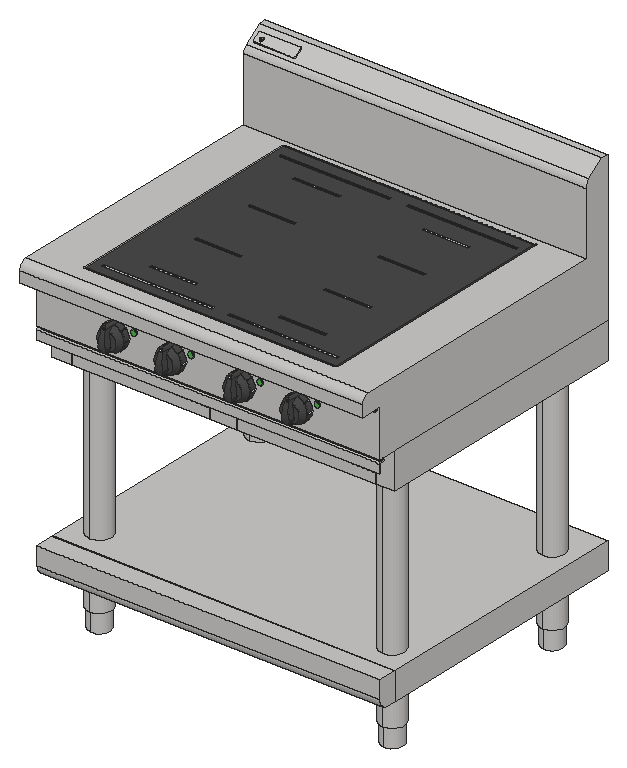
Revit family "QF_Moffat_IN8400F-LS_Induction_Cooktop_cat", category Specialty Equipment, Revit 2019
Family settings
  Round Connector Dimension = Use Diameter
  Part Type = Normal
  Work Plane-Based = No
  Always vertical = Yes
  Cut with Voids When Loaded = No
  Shared = No
  Room Calculation Point = No
Parameters (values of type "IN8400F-LS_400/50/3")
  Weight in Kilograms = 105
  Watts = 20000 W
  Volts = 400 V
  URL Cutsheet = ""
  Specification by User = ""
  Specification by Manufacturer = ""
  Show Logo [instance] = yes
  Serial Number = ""
  Seismic Rating = ""
  SMACNA No = ""
  Revision Code = ""
  Phase = 3
  Number of Poles = 1
  NAFEM Spec ID Number = ""
  Model = "IN8400F-LS"
  Min Ckt Ampacity = 0 A
  Max Overcurrent Protection = 0 A
  Masterspec = ""
  Manufacturer = "Moffat"
  Length = 900 mm
  Item Number = ""
  Installed By = ""
  Identify Quantity as Lot = yes
  Height = 1130 mm
  HP = ""
  Furnished By = ""
  Foodservice Equipment Identifier = yes
  FL Amps = 28 A
  Electrical Remarks = ""
  Electric Connection Type = ""
  Elec Conn RI Height = 0 mm
  Elec Conn Connection Height = 0 mm
  Description = "Induction Cooktop"
  Depth = 805 mm
  Cycle = 50 Hz
  Conn Plug = ""
  Conn Conduit = yes
  CSI MasterFormat = ""
  Apparent Power = 16608 VA
Reference planes
  plane 1 "BACK": y = 0
  plane 2: z = 0
  plane 3 "LEFT": x = 0
  plane 4 "RIGHT": x = 900
  plane 5 "FRONT": y = -805
  plane 6 "TOP": z = 1130
  plane 7 "Center Y": x = 450
  plane 8 "Center X": y = -402.5
  plane 9: x = 65.5
  plane 10: x = 834.5
  plane 11: y = -30
  plane 12: z = 150
  plane 13: y = -100
  plane 14: y = -625
  plane 15: y = -70
  plane 16: z = 915
  plane 17: x = 770
Forms (mm)
  Extrusion 1, solid, material "QF_Metal_Stainless_Polished"
    sketch origin (0, 0, 560) x (0, 1, 0) y (0, 0, 1)
      loop
        line (0, 180) -> (0, 570) -> (-18.182, 570) -> (-60.863, 538.99)
        arc (-60.863, 538.99) -> (-67.584, 531.121) -> (-70, 521.058) r 22.165
        line (-70, 521.058) -> (-70, 355) -> (-784.417, 355)
        arc (-784.417, 355) -> (-798.971, 348.971) -> (-805, 334.417) r 20.583
        line (-805, 334.417) -> (-805, 305) -> (-749, 305) -> (-749, 180) -> (0, 180)
    from 0 to 900
  Extrusion 2, void
    sketch origin (0, -784.171, 915) x (0, 1, 0) y (-1, 0, 0)
      loop
        arc (699.341, -122.382) -> (697.584, -118.139) -> (693.341, -116.382) r 6
        line (693.341, -116.382) -> (45.245, -116.382)
        arc (45.245, -116.382) -> (41.002, -118.139) -> (39.245, -122.382) r 6
        line (39.245, -122.382) -> (39.245, -777.618)
        arc (39.245, -777.618) -> (41.002, -781.861) -> (45.245, -783.618) r 6
        line (45.245, -783.618) -> (693.341, -783.618)
        arc (693.341, -783.618) -> (697.584, -781.861) -> (699.341, -777.618) r 6
        line (699.341, -777.618) -> (699.341, -122.382)
    from 0 to -9.5
  Extrusion 3, solid, material "QF_Plastic_Black_Smooth"
    sketch origin (0, -784.171, 915) x (0, 1, 0) y (-1, 0, 0)
      loop
        line (695.341, -777.618) -> (695.341, -122.382)
        arc (695.341, -122.382) -> (694.755, -120.968) -> (693.341, -120.382) r 2
        line (693.341, -120.382) -> (45.245, -120.382)
        arc (45.245, -120.382) -> (43.831, -120.968) -> (43.245, -122.382) r 2
        line (43.245, -122.382) -> (43.245, -777.618)
        arc (43.245, -777.618) -> (43.831, -779.032) -> (45.245, -779.618) r 2
        line (45.245, -779.618) -> (693.341, -779.618)
        arc (693.341, -779.618) -> (694.755, -779.032) -> (695.341, -777.618) r 2
      loop
        line (663.444, -138.924) -> (657.444, -138.924) -> (657.444, -426.076) -> (663.444, -426.076) -> (663.444, -138.924)
      loop
        line (78.838, -141.424) -> (72.838, -141.424) -> (72.838, -428.576) -> (78.838, -428.576) -> (78.838, -141.424)
      loop
        line (663.444, -761.076) -> (663.444, -473.924) -> (657.444, -473.924) -> (657.444, -761.076) -> (663.444, -761.076)
      loop
        line (78.838, -758.576) -> (78.838, -471.424) -> (72.838, -471.424) -> (72.838, -758.576) -> (78.838, -758.576)
      loop
        line (600.671, -220) -> (600.671, -340) -> (606.671, -340) -> (606.671, -220) -> (600.671, -220)
      loop
        line (454.421, -220) -> (454.421, -340) -> (460.421, -340) -> (460.421, -220) -> (454.421, -220)
      loop
        line (283.728, -340) -> (283.728, -220) -> (277.728, -220) -> (277.728, -340) -> (283.728, -340)
      loop
        line (136.404, -340) -> (136.404, -220) -> (130.404, -220) -> (130.404, -340) -> (136.404, -340)
      loop
        line (600.671, -680) -> (606.671, -680) -> (606.671, -560) -> (600.671, -560) -> (600.671, -680)
      loop
        line (454.421, -680) -> (460.421, -680) -> (460.421, -560) -> (454.421, -560) -> (454.421, -680)
      loop
        line (283.728, -560) -> (277.728, -560) -> (277.728, -680) -> (283.728, -680) -> (283.728, -560)
      loop
        line (136.404, -560) -> (130.404, -560) -> (130.404, -680) -> (136.404, -680) -> (136.404, -560)
    from 0 to -9.5
  Extrusion 4, solid, material "QF_Metal_Stainless_Polished"
    sketch origin (0, 0, 600) x (0, 1, 0) y (0, 0, 1)
      loop
        line (-739.467, 140) -> (-738.192, 134.838)
        arc (-738.192, 134.838) -> (-738.307, 134.302) -> (-738.799, 134.063) r 0.625
        line (-738.799, 134.063) -> (-746.111, 134.063)
        arc (-746.111, 134.063) -> (-748.011, 133.276) -> (-748.797, 131.377) r 2.686
        line (-748.797, 131.377) -> (-748.797, 107.627) -> (-747.197, 107.627) -> (-747.197, 131.242)
        arc (-747.197, 131.242) -> (-746.84, 132.105) -> (-745.976, 132.463) r 1.221
        line (-745.976, 132.463) -> (-738.755, 132.463)
        arc (-738.755, 132.463) -> (-737.028, 133.304) -> (-736.625, 135.182) r 2.194
        line (-736.625, 135.182) -> (-737.815, 140) -> (-739.467, 140)
    from 0 to 900
  Extrusion 5, solid, material "QF_Plastic_Black_Smooth"
    sketch origin (0, -749, 741.875) x (0, 0, 1) y (-1, 0, 0)
      loop
        circle (112.843, -13.157) r 5
      loop
        circle (112.843, -886.843) r 5
    from 0 to 1.6
  Extrusion 6, solid, material "QF_Metal_Stainless_Polished"
    sketch origin (450, -699, 645) x (0, 1, 0) y (1, 0, 0)
      loop
        circle (669, 320) r 6.35
    from 0 to 10
  Extrusion 7, solid, material "QF_Metal_Stainless_Polished"
    sketch origin (0, -699, 645) x (1, 0, 0) y (0, -1, 0)
      loop
        line (0, -699) -> (900, -699) -> (900, 0) -> (849.2, 0) -> (849.2, -25.4) -> (485.8, -25.4) -> (485.8, 0) -> (414.2, 0) -> (414.2, -25.4) -> (50.8, -25.4) -> (50.8, 0) -> (0, 0) -> (0, -699)
    from 0 to -95
  Extrusion 8, solid, material "QF_Metal_Stainless_Polished"
    sketch origin (50.8, -30, 645) x (0, 1, 0) y (0, 0, 1)
      loop
        line (-669, 0) -> (-643.6, 0) -> (-643.6, 26.45) -> (-669, 26.45) -> (-669, 0)
      loop
        line (-669, 32.45) -> (-643.6, 32.45) -> (-643.6, 66.4) -> (-669, 66.4) -> (-669, 32.45)
      loop
        line (-669, 67.4) -> (-643.6, 67.4) -> (-643.6, 95) -> (-669, 95) -> (-669, 67.4)
    from 0 to 363.4
  Extrusion 9, solid, material "QF_Metal_Stainless_Polished"
    sketch origin (900, 0, 560) x (-1, 0, 0) y (0, -1, 0)
      loop
        line (761.076, 126.726) -> (473.924, 126.726) -> (473.924, 120.726) -> (761.076, 120.726) -> (761.076, 126.726)
      loop
        line (680, 183.5) -> (560, 183.5) -> (560, 177.5) -> (680, 177.5) -> (680, 183.5)
      loop
        line (680, 329.75) -> (560, 329.75) -> (560, 323.75) -> (680, 323.75) -> (680, 329.75)
      loop
        line (680, 506.443) -> (560, 506.443) -> (560, 500.443) -> (680, 500.443) -> (680, 506.443)
      loop
        line (680, 653.766) -> (560, 653.766) -> (560, 647.766) -> (680, 647.766) -> (680, 653.766)
      loop
        line (758.576, 711.333) -> (471.424, 711.333) -> (471.424, 705.333) -> (758.576, 705.333) -> (758.576, 711.333)
      loop
        line (138.924, 126.726) -> (138.924, 120.726) -> (426.076, 120.726) -> (426.076, 126.726) -> (138.924, 126.726)
      loop
        line (220, 183.5) -> (220, 177.5) -> (340, 177.5) -> (340, 183.5) -> (220, 183.5)
      loop
        line (220, 329.75) -> (220, 323.75) -> (340, 323.75) -> (340, 329.75) -> (220, 329.75)
      loop
        line (220, 506.443) -> (220, 500.443) -> (340, 500.443) -> (340, 506.443) -> (220, 506.443)
      loop
        line (220, 653.766) -> (220, 647.766) -> (340, 647.766) -> (340, 653.766) -> (220, 653.766)
      loop
        line (141.424, 711.333) -> (141.424, 705.333) -> (428.576, 705.333) -> (428.576, 711.333) -> (141.424, 711.333)
    from 355 to 345.5
  Extrusion 10, solid, material "QF_Paint_Green"
    sketch origin (123.231, -748.999, 713.75) x (0, 0, 1) y (-1, 0, 0)
      loop
        circle (100.3, -282.5) r 7.15
    from 0 to 1.6
  Extrusion 11, solid, material "QF_Plastic_Black_Smooth"
    sketch origin (135, -748.999, 725.625) x (0, 0, 1) y (-1, 0, 0)
      loop
        circle (112.843, -225) r 5
    from 0 to 1.6
  Extrusion 12, solid, material "QF_Paint_Green"
    sketch origin (-26.769, -748.999, 713.75) x (0, 0, 1) y (-1, 0, 0)
      loop
        circle (100.3, -282.5) r 7.15
    from 0 to 1.6
  Extrusion 13, solid, material "QF_Plastic_Black_Smooth"
    sketch origin (-15, -748.999, 725.625) x (0, 0, 1) y (-1, 0, 0)
      loop
        circle (112.843, -225) r 5
    from 0 to 1.6
  Extrusion 14, solid, material "QF_Paint_Green"
    sketch origin (454.481, -748.999, 713.75) x (0, 0, 1) y (-1, 0, 0)
      loop
        circle (100.3, -282.5) r 7.15
    from 0 to 1.6
  Extrusion 15, solid, material "QF_Plastic_Black_Smooth"
    sketch origin (466.25, -748.999, 725.625) x (0, 0, 1) y (-1, 0, 0)
      loop
        circle (112.843, -225) r 5
    from 0 to 1.6
  Extrusion 16, solid, material "QF_Paint_Green"
    sketch origin (304.481, -748.999, 713.75) x (0, 0, 1) y (-1, 0, 0)
      loop
        circle (100.3, -282.5) r 7.15
    from 0 to 1.6
  Extrusion 17, solid, material "QF_Plastic_Black_Smooth"
    sketch origin (316.25, -748.999, 725.625) x (0, 0, 1) y (-1, 0, 0)
      loop
        circle (112.843, -225) r 5
    from 0 to 1.6
  Extrusion 18, solid, material "QF_Metal_Stainless_Polished"
    sketch origin (849.2, -30, 645) x (0, 1, 0) y (0, 0, -1)
      loop
        line (-669, 0) -> (-669, -26.45) -> (-643.6, -26.45) -> (-643.6, 0) -> (-669, 0)
      loop
        line (-669, -32.45) -> (-669, -66.4) -> (-643.6, -66.4) -> (-643.6, -32.45) -> (-669, -32.45)
      loop
        line (-669, -67.4) -> (-669, -95) -> (-643.6, -95) -> (-643.6, -67.4) -> (-669, -67.4)
    from 0 to 363.4
Cuts and joins
  Extrusion 2 cuts Extrusion 1
Lines and regions (mm)
  symbolic lines
    curve 1: line (0, 0, 0) -> (900, 0, 0)
    curve 2: line (0, -805, 0) -> (0, 0, 0)
    curve 3: line (900, -805, 0) -> (0, -805, 0)
    curve 4: line (900, 0, 0) -> (900, -805, 0)
    curve 5: line (0, -18.182, 0) -> (900, -18.182, 0)
    curve 6: line (0, -70, 0) -> (450, -70, 0)
    curve 7: line (122.382, -84.83, 0) -> (777.618, -84.83, 0)
    curve 8: arc (777.618, -84.83, 0) -> (781.861, -86.587, 0) -> (783.618, -90.83, 0) r 6
    curve 9: line (783.618, -90.83, 0) -> (783.618, -738.926, 0)
    curve 10: arc (783.618, -738.926, 0) -> (781.861, -743.168, 0) -> (777.618, -744.926, 0) r 6
    curve 11: line (777.618, -744.926, 0) -> (122.382, -744.926, 0)
    curve 12: arc (122.382, -744.926, 0) -> (118.139, -743.168, 0) -> (116.382, -738.926, 0) r 6
    curve 13: line (116.382, -738.926, 0) -> (116.382, -90.83, 0)
    curve 14: arc (116.382, -90.83, 0) -> (118.139, -86.587, 0) -> (122.382, -84.83, 0) r 6
    curve 15: line (777.618, -88.83, 0) -> (122.382, -88.83, 0)
    curve 16: arc (122.382, -88.83, 0) -> (120.968, -89.415, 0) -> (120.382, -90.83, 0) r 2
    curve 17: line (120.382, -90.83, 0) -> (120.382, -738.926, 0)
    curve 18: arc (120.382, -738.926, 0) -> (120.968, -740.34, 0) -> (122.382, -740.926, 0) r 2
    curve 19: line (122.382, -740.926, 0) -> (777.618, -740.926, 0)
    curve 20: arc (777.618, -740.926, 0) -> (779.032, -740.34, 0) -> (779.618, -738.926, 0) r 2
    curve 21: line (779.618, -738.926, 0) -> (779.618, -90.83, 0)
    curve 22: arc (779.618, -90.83, 0) -> (779.032, -89.415, 0) -> (777.618, -88.83, 0) r 2
    curve 23: line (783.618, -738.926, 0) -> (783.618, -90.83, 0)
    curve 24: line (779.618, -90.83, 0) -> (779.618, -738.926, 0)
    curve 25: line (138.924, -126.726, 0) -> (426.076, -126.726, 0)
    curve 26: line (426.076, -126.726, 0) -> (426.076, -120.726, 0)
    curve 27: line (426.076, -120.726, 0) -> (138.924, -120.726, 0)
    curve 28: line (138.924, -120.726, 0) -> (138.924, -126.726, 0)
    curve 29: line (220, -183.5, 0) -> (340, -183.5, 0)
    curve 30: line (340, -183.5, 0) -> (340, -177.5, 0)
    curve 31: line (340, -177.5, 0) -> (220, -177.5, 0)
    curve 32: line (220, -177.5, 0) -> (220, -183.5, 0)
    curve 33: line (220, -329.75, 0) -> (340, -329.75, 0)
    curve 34: line (340, -329.75, 0) -> (340, -323.75, 0)
    curve 35: line (340, -323.75, 0) -> (220, -323.75, 0)
    curve 36: line (220, -323.75, 0) -> (220, -329.75, 0)
    curve 37: line (220, -506.443, 0) -> (340, -506.443, 0)
    curve 38: line (340, -506.443, 0) -> (340, -500.443, 0)
    curve 39: line (340, -500.443, 0) -> (220, -500.443, 0)
    curve 40: line (220, -500.443, 0) -> (220, -506.443, 0)
    curve 41: line (220, -653.766, 0) -> (340, -653.766, 0)
    curve 42: line (340, -653.766, 0) -> (340, -647.766, 0)
    curve 43: line (340, -647.766, 0) -> (220, -647.766, 0)
    curve 44: line (220, -647.766, 0) -> (220, -653.766, 0)
    curve 45: line (141.424, -711.333, 0) -> (428.576, -711.333, 0)
    curve 46: line (428.576, -711.333, 0) -> (428.576, -705.333, 0)
    curve 47: line (428.576, -705.333, 0) -> (141.424, -705.333, 0)
    curve 48: line (141.424, -705.333, 0) -> (141.424, -711.333, 0)
    curve 49: line (471.424, -711.333, 0) -> (758.576, -711.333, 0)
    curve 50: line (758.576, -711.333, 0) -> (758.576, -705.333, 0)
    curve 51: line (758.576, -705.333, 0) -> (471.424, -705.333, 0)
    curve 52: line (471.424, -705.333, 0) -> (471.424, -711.333, 0)
    curve 53: line (680, -653.766, 0) -> (560, -653.766, 0)
    curve 54: line (560, -653.766, 0) -> (560, -647.766, 0)
    curve 55: line (560, -647.766, 0) -> (680, -647.766, 0)
    curve 56: line (680, -647.766, 0) -> (680, -653.766, 0)
    curve 57: line (560, -506.443, 0) -> (680, -506.443, 0)
    curve 58: line (680, -506.443, 0) -> (680, -500.443, 0)
    curve 59: line (680, -500.443, 0) -> (560, -500.443, 0)
    curve 60: line (560, -500.443, 0) -> (560, -506.443, 0)
    curve 61: line (560, -329.75, 0) -> (680, -329.75, 0)
    curve 62: line (680, -329.75, 0) -> (680, -323.75, 0)
    curve 63: line (680, -323.75, 0) -> (560, -323.75, 0)
    curve 64: line (560, -323.75, 0) -> (560, -329.75, 0)
    curve 65: line (680, -177.5, 0) -> (560, -177.5, 0)
    curve 66: line (560, -177.5, 0) -> (560, -183.5, 0)
    curve 67: line (560, -183.5, 0) -> (680, -183.5, 0)
    curve 68: line (680, -183.5, 0) -> (680, -177.5, 0)
    curve 69: line (473.924, -126.726, 0) -> (761.076, -126.726, 0)
    curve 70: line (761.076, -126.726, 0) -> (761.076, -120.726, 0)
    curve 71: line (761.076, -120.726, 0) -> (473.924, -120.726, 0)
    curve 72: line (473.924, -120.726, 0) -> (473.924, -126.726, 0)
    curve 73: line (0, 0, 560) -> (900, 0, 560)
    curve 74: line (0, -805, 560) -> (0, 0, 560)
    curve 75: line (900, -805, 560) -> (0, -805, 560)
    curve 76: line (900, 0, 560) -> (900, -805, 560)
    curve 77: line (0, -18.182, 560) -> (900, -18.182, 560)
    curve 78: line (0, -70, 560) -> (900, -70, 560)
    curve 79: line (122.382, -84.83, 560) -> (777.618, -84.83, 560)
    curve 80: arc (777.618, -84.83, 560) -> (781.861, -86.587, 560) -> (783.618, -90.83, 560) r 6
    curve 81: line (783.618, -90.83, 560) -> (783.618, -738.926, 560)
    curve 82: arc (783.618, -738.926, 560) -> (781.861, -743.168, 560) -> (777.618, -744.926, 560) r 6
    curve 83: line (777.618, -744.926, 560) -> (122.382, -744.926, 560)
    curve 84: arc (122.382, -744.926, 560) -> (118.139, -743.168, 560) -> (116.382, -738.926, 560) r 6
    curve 85: line (116.382, -738.926, 560) -> (116.382, -90.83, 560)
    curve 86: arc (116.382, -90.83, 560) -> (118.139, -86.587, 560) -> (122.382, -84.83, 560) r 6
    curve 87: line (777.618, -88.83, 560) -> (122.382, -88.83, 560)
    curve 88: arc (122.382, -88.83, 560) -> (120.968, -89.415, 560) -> (120.382, -90.83, 560) r 2
    curve 89: line (120.382, -90.83, 560) -> (120.382, -738.926, 560)
    curve 90: arc (120.382, -738.926, 560) -> (120.968, -740.34, 560) -> (122.382, -740.926, 560) r 2
    curve 91: line (122.382, -740.926, 560) -> (777.618, -740.926, 560)
    curve 92: arc (777.618, -740.926, 560) -> (779.032, -740.34, 560) -> (779.618, -738.926, 560) r 2
    curve 93: line (779.618, -738.926, 560) -> (779.618, -90.83, 560)
    curve 94: arc (779.618, -90.83, 560) -> (779.032, -89.415, 560) -> (777.618, -88.83, 560) r 2
    curve 95: line (783.618, -738.926, 560) -> (783.618, -90.83, 560)
    curve 96: line (779.618, -90.83, 560) -> (779.618, -738.926, 560)
    curve 97: line (138.924, -126.726, 560) -> (426.076, -126.726, 560)
    curve 98: line (426.076, -126.726, 560) -> (426.076, -120.726, 560)
    curve 99: line (426.076, -120.726, 560) -> (138.924, -120.726, 560)
    curve 100: line (138.924, -120.726, 560) -> (138.924, -126.726, 560)
    curve 101: line (220, -183.5, 560) -> (340, -183.5, 560)
    curve 102: line (340, -183.5, 560) -> (340, -177.5, 560)
    curve 103: line (340, -177.5, 560) -> (220, -177.5, 560)
    curve 104: line (220, -177.5, 560) -> (220, -183.5, 560)
    curve 105: line (220, -329.75, 560) -> (340, -329.75, 560)
    curve 106: line (340, -329.75, 560) -> (340, -323.75, 560)
    curve 107: line (340, -323.75, 560) -> (220, -323.75, 560)
    curve 108: line (220, -323.75, 560) -> (220, -329.75, 560)
    curve 109: line (220, -506.443, 560) -> (340, -506.443, 560)
    curve 110: line (340, -506.443, 560) -> (340, -500.443, 560)
    curve 111: line (340, -500.443, 560) -> (220, -500.443, 560)
    curve 112: line (220, -500.443, 560) -> (220, -506.443, 560)
    curve 113: line (220, -653.766, 560) -> (340, -653.766, 560)
    curve 114: line (340, -653.766, 560) -> (340, -647.766, 560)
    curve 115: line (340, -647.766, 560) -> (220, -647.766, 560)
    curve 116: line (220, -647.766, 560) -> (220, -653.766, 560)
    curve 117: line (141.424, -711.333, 560) -> (428.576, -711.333, 560)
    curve 118: line (428.576, -711.333, 560) -> (428.576, -705.333, 560)
    curve 119: line (428.576, -705.333, 560) -> (141.424, -705.333, 560)
    curve 120: line (141.424, -705.333, 560) -> (141.424, -711.333, 560)
    curve 121: line (471.424, -711.333, 560) -> (758.576, -711.333, 560)
    curve 122: line (758.576, -711.333, 560) -> (758.576, -705.333, 560)
    curve 123: line (758.576, -705.333, 560) -> (471.424, -705.333, 560)
    curve 124: line (471.424, -705.333, 560) -> (471.424, -711.333, 560)
    curve 125: line (680, -653.766, 560) -> (560, -653.766, 560)
    curve 126: line (560, -653.766, 560) -> (560, -647.766, 560)
    curve 127: line (560, -647.766, 560) -> (680, -647.766, 560)
    curve 128: line (680, -647.766, 560) -> (680, -653.766, 560)
    curve 129: line (560, -506.443, 560) -> (680, -506.443, 560)
    curve 130: line (680, -506.443, 560) -> (680, -500.443, 560)
    curve 131: line (680, -500.443, 560) -> (560, -500.443, 560)
    curve 132: line (560, -500.443, 560) -> (560, -506.443, 560)
    curve 133: line (560, -329.75, 560) -> (680, -329.75, 560)
    curve 134: line (680, -329.75, 560) -> (680, -323.75, 560)
    curve 135: line (680, -323.75, 560) -> (560, -323.75, 560)
    curve 136: line (560, -323.75, 560) -> (560, -329.75, 560)
    curve 137: line (680, -177.5, 560) -> (560, -177.5, 560)
    curve 138: line (560, -177.5, 560) -> (560, -183.5, 560)
    curve 139: line (560, -183.5, 560) -> (680, -183.5, 560)
    curve 140: line (680, -183.5, 560) -> (680, -177.5, 560)
    curve 141: line (473.924, -126.726, 560) -> (761.076, -126.726, 560)
    curve 142: line (761.076, -126.726, 560) -> (761.076, -120.726, 560)
    curve 143: line (761.076, -120.726, 560) -> (473.924, -120.726, 560)
    curve 144: line (473.924, -120.726, 560) -> (473.924, -126.726, 560)
Dimensions and locks
  equal spacing: plane 3 "LEFT", plane 7 "Center Y", plane 4 "RIGHT"
  "Length": plane 3 "LEFT" to plane 4 "RIGHT"
  equal spacing: plane 5 "FRONT", plane 8 "Center X", plane 1 "BACK"
  "Depth": plane 5 "FRONT" to plane 1 "BACK"
  "Height": plane 6 "TOP" to level
  plane 9 to plane 10 = 769 mm
  plane 4 "RIGHT" to plane 3 "LEFT" = 900 mm
  plane 6 "TOP" to plane 2 = 1130 mm
  plane 1 "BACK" to plane 11 = 30 mm
  plane 1 "BACK" to plane 13 to plane 14 = 100 mm, 525 mm
  plane 1 "BACK" to plane 15 = 70 mm
  plane 16 to level = 915 mm  (x2)
  level to plane 12 = 150 mm
  plane 12 to level = 150 mm
  plane 4 "RIGHT" to plane 17 = 130 mm
  plane 1 "BACK" to plane 5 "FRONT" = 805 mm
  locked: plane 10 to plane 4 "RIGHT" at 65.5
  Extrusion 6 to level = 635 mm
  aligned and locked: level to plane 2
  aligned and locked: plane 7 "Center Y" to nested 1
  aligned and locked: Extrusion 18 to Extrusion 7  (x2)
  aligned and locked: plane 8 "Center X" to nested 1
Automatic sketch dimensions
  curve 8 to curve 22 = 0 mm  (x2)
  curve 10 to curve 20 = 0 mm  (x2)
  curve 12 to curve 18 = 0 mm  (x2)
  curve 14 to curve 16 = 0 mm  (x2)
  plane 1 "BACK" to curve 1 = 0 mm
  curve 1 to plane 3 "LEFT" = 0 mm
  curve 6 to plane 7 "Center Y" = 0 mm
  curve 1 to plane 4 "RIGHT" = 0 mm
  plane 5 "FRONT" to curve 3 = 0 mm
  plane 15 to curve 6 = 0 mm
  curve 13 to plane 9 = 50.882 mm
  curve 13 to curve 17 = 4 mm
  curve 17 to curve 16 = 2 mm
  curve 17 to curve 18 = 2 mm
  curve 14 to curve 25 = 16.542 mm
  curve 18 to curve 48 = 19.042 mm
  curve 40 to plane 9 = 154.5 mm
  plane 14 to curve 44 = 22.766 mm
  curve 47 to curve 44 = 78.576 mm
  curve 25 to curve 29 = 81.076 mm
  plane 8 "Center X" to curve 36 = 72.75 mm
  curve 36 to curve 29 = 0 mm
  curve 34 to plane 7 "Center Y" = 110 mm
  curve 37 to plane 7 "Center Y" = 110 mm
  plane 14 to curve 41 = 28.766 mm
  curve 41 to plane 7 "Center Y" = 110 mm
  curve 31 to plane 7 "Center Y" = 110 mm
  curve 26 to plane 7 "Center Y" = 23.924 mm
  curve 45 to plane 7 "Center Y" = 21.424 mm
  plane 7 "Center Y" to curve 52 = 21.424 mm
  plane 7 "Center Y" to curve 72 = 23.924 mm
  curve 69 to curve 67 = 86.076 mm
  plane 7 "Center Y" to curve 64 = 110 mm
  plane 7 "Center Y" to curve 60 = 110 mm
  plane 14 to curve 55 = 22.766 mm
  curve 51 to curve 55 = 88.576 mm
  plane 14 to curve 56 = 28.766 mm
  curve 56 to plane 17 = 90 mm
  curve 63 to plane 17 = 90 mm
  curve 68 to plane 17 = 90 mm
  curve 59 to plane 17 = 90 mm
  curve 51 to plane 17 = 11.424 mm
  curve 69 to plane 17 = 8.924 mm
  plane 17 to curve 10 = 7.618 mm
  plane 17 to curve 7 = 7.618 mm
  curve 8 to curve 21 = 2 mm
  curve 11 to plane 5 "FRONT" = 60.074 mm
  curve 10 to curve 50 = 27.593 mm
  curve 18 to curve 45 = 27.593 mm
  curve 45 to curve 47 = 6 mm
  curve 49 to curve 51 = 6 mm
  curve 60 to plane 8 "Center X" = 103.943 mm
  curve 40 to plane 8 "Center X" = 103.943 mm
  curve 57 to curve 59 = 6 mm
  curve 37 to curve 40 = 6 mm
  plane 8 "Center X" to curve 62 = 72.75 mm
  curve 61 to curve 64 = 6 mm
  curve 33 to curve 34 = 6 mm
  plane 13 to curve 29 = 83.5 mm
  plane 13 to curve 67 = 83.5 mm
  curve 29 to curve 31 = 6 mm
  curve 67 to curve 68 = 6 mm
  plane 13 to curve 25 = 26.726 mm
  plane 13 to curve 72 = 26.726 mm
  curve 25 to curve 28 = 6 mm
  curve 69 to curve 71 = 6 mm
  curve 21 to plane 13 = 9.17 mm
  curve 5 to plane 11 = 11.818 mm
  Extrusion 1 sketch curve to plane 5 "FRONT" = 0 mm
  Extrusion 1 sketch curve to plane 16 = 0 mm
  Extrusion 1 sketch curve to plane 15 = 0 mm
  Extrusion 1 sketch curve to plane 6 "TOP" = 0 mm
  Extrusion 1 sketch curve to plane 1 "BACK" = 0 mm
  Extrusion 1 sketch curve to plane 5 "FRONT" = 20.583 mm
  Extrusion 1 sketch curve to plane 5 "FRONT" = 56 mm
  Extrusion 1 sketch curve to plane 15 = 9.137 mm
  plane 11 to Extrusion 1 sketch curve = 17.835 mm
  Extrusion 1 sketch curve to plane 11 = 11.818 mm
  Extrusion 1 sketch curve to Extrusion 1 sketch curve = 29.417 mm
  Extrusion 1 sketch curve to plane 16 = 175 mm
  Extrusion 1 sketch curve to plane 6 "TOP" = 48.942 mm
  Extrusion 2 sketch curve to Extrusion 1 = 39.492 mm
  Extrusion 2 sketch curve to Extrusion 2 sketch curve = 6 mm  (x3)
  Extrusion 1 to Extrusion 2 sketch curve = 20.83 mm  (x2)
  Extrusion 1 to Extrusion 2 sketch curve = 116.382 mm
  Extrusion 1 to Extrusion 2 sketch curve = 122.382 mm
  Extrusion 3 sketch curve to Extrusion 1 = 43.492 mm
  Extrusion 3 sketch curve to Extrusion 3 sketch curve = 2 mm  (x3)
  Extrusion 3 sketch curve to Extrusion 1 = 73.085 mm
  Extrusion 3 sketch curve to Extrusion 3 sketch curve = 0 mm  (x5)
  Extrusion 3 sketch curve to Extrusion 3 sketch curve = 6 mm  (x12)
  Extrusion 3 sketch curve to Extrusion 3 sketch curve = 51.566 mm  (x2)
  Extrusion 3 sketch curve to Extrusion 3 sketch curve = 141.323 mm  (x2)
  Extrusion 3 sketch curve to Extrusion 3 sketch curve = 170.693 mm  (x2)
  Extrusion 1 to Extrusion 3 sketch curve = 113.5 mm  (x2)
  Extrusion 1 to Extrusion 3 sketch curve = 56.726 mm
  Extrusion 1 to Extrusion 3 sketch curve = 20.83 mm  (x2)
  Extrusion 1 to Extrusion 3 sketch curve = 120.382 mm
  Extrusion 3 sketch curve to Extrusion 3 sketch curve = 16.542 mm
  Extrusion 3 sketch curve to Extrusion 3 sketch curve = 19.042 mm  (x2)
  Extrusion 3 sketch curve to Extrusion 3 sketch curve = 81.076 mm  (x2)
  Extrusion 3 sketch curve to Extrusion 3 sketch curve = 78.576 mm  (x3)
  Extrusion 3 sketch curve to Extrusion 3 sketch curve = 120 mm  (x8)
  Extrusion 3 sketch curve to Extrusion 3 sketch curve = 86.076 mm  (x2)
  Extrusion 3 sketch curve to Extrusion 3 sketch curve = 88.576 mm  (x2)
  Extrusion 3 sketch curve to Extrusion 3 sketch curve = 42.848 mm
  Extrusion 3 sketch curve to Extrusion 3 sketch curve = 47.848 mm
  Extrusion 4 sketch curve to plane 5 "FRONT" = 56.203 mm
  Extrusion 4 sketch curve to Extrusion 4 sketch curve = 1.6 mm
  Extrusion 4 sketch curve to Extrusion 4 sketch curve = 1.086 mm
  Extrusion 4 sketch curve to Extrusion 4 sketch curve = 0.135 mm  (x2)
  Extrusion 4 sketch curve to Extrusion 4 sketch curve = 6.644 mm
  Extrusion 4 sketch curve to Extrusion 4 sketch curve = 0.668 mm
  Extrusion 4 sketch curve to Extrusion 4 sketch curve = 0.044 mm
  Extrusion 4 sketch curve to Extrusion 4 sketch curve = 0.563 mm
  Extrusion 4 sketch curve to Extrusion 4 sketch curve = 1.652 mm
  Extrusion 4 sketch curve to Extrusion 4 sketch curve = 1.567 mm
  Extrusion 4 sketch curve to plane 16 = 207.373 mm
  Extrusion 4 sketch curve to Extrusion 4 sketch curve = 23.614 mm
  Extrusion 4 sketch curve to Extrusion 4 sketch curve = 0.594 mm
  Extrusion 4 sketch curve to Extrusion 4 sketch curve = 0.032 mm
  Extrusion 4 sketch curve to Extrusion 4 sketch curve = 5.162 mm
  Extrusion 1 to Extrusion 5 sketch curve = 10.282 mm  (x2)
  Extrusion 1 to Extrusion 5 sketch curve = 13.157 mm  (x2)
  Extrusion 7 to Extrusion 6 sketch curve = 30 mm
  Extrusion 6 sketch curve to Extrusion 7 = 79.2 mm
  Extrusion 7 sketch curve to plane 3 "LEFT" = 0 mm
  Extrusion 7 sketch curve to plane 4 "RIGHT" = 0 mm
  plane 1 "BACK" to Extrusion 7 sketch curve = 0 mm
  plane 9 to Extrusion 7 sketch curve = 14.7 mm
  Extrusion 7 sketch curve to plane 7 "Center Y" = 35.8 mm
  plane 7 "Center Y" to Extrusion 7 sketch curve = 35.8 mm
  Extrusion 7 sketch curve to plane 10 = 14.7 mm
  plane 14 to Extrusion 7 sketch curve = 48.6 mm  (x2)
  Extrusion 7 sketch curve to Extrusion 7 sketch curve = 25.4 mm  (x3)
  Extrusion 8 sketch curve to Extrusion 7 = 0 mm  (x8)
  Extrusion 7 to Extrusion 8 sketch curve = 26.45 mm
  Extrusion 8 sketch curve to Extrusion 8 sketch curve = 6 mm
  Extrusion 7 to Extrusion 8 sketch curve = 28.6 mm
  Extrusion 8 sketch curve to Extrusion 8 sketch curve = 1 mm
  plane 17 to Extrusion 9 sketch curve = 8.924 mm
  plane 17 to Extrusion 9 sketch curve = 11.424 mm
  Extrusion 9 sketch curve to plane 14 = 28.766 mm  (x2)
  plane 17 to Extrusion 9 sketch curve = 90 mm  (x4)
  Extrusion 9 sketch curve to plane 7 "Center Y" = 110 mm  (x4)
  Extrusion 9 sketch curve to plane 14 = 22.766 mm
  Extrusion 9 sketch curve to plane 7 "Center Y" = 23.924 mm
  Extrusion 9 sketch curve to plane 7 "Center Y" = 21.424 mm
  plane 7 "Center Y" to Extrusion 9 sketch curve = 21.424 mm
  plane 7 "Center Y" to Extrusion 9 sketch curve = 23.924 mm
  plane 7 "Center Y" to Extrusion 9 sketch curve = 110 mm  (x2)
  Extrusion 9 sketch curve to Extrusion 9 sketch curve = 88.576 mm
  Extrusion 9 sketch curve to Extrusion 9 sketch curve = 86.076 mm
  Extrusion 9 sketch curve to Extrusion 9 sketch curve = 120 mm  (x4)
  plane 9 to Extrusion 9 sketch curve = 75.924 mm
  Extrusion 9 sketch curve to plane 13 = 20.726 mm
  plane 9 to Extrusion 9 sketch curve = 73.424 mm
  Extrusion 9 sketch curve to plane 14 = 80.333 mm  (x2)
  Extrusion 9 sketch curve to Extrusion 9 sketch curve = 6 mm  (x11)
  plane 8 "Center X" to Extrusion 9 sketch curve = 103.943 mm  (x2)
  Extrusion 9 sketch curve to plane 8 "Center X" = 72.75 mm  (x2)
  Extrusion 9 sketch curve to plane 13 = 83.5 mm  (x2)
  Extrusion 9 sketch curve to plane 13 = 26.726 mm
  Extrusion 10 sketch curve to plane 7 "Center Y" = 44.269 mm
  Extrusion 10 sketch curve to plane 16 = 100.95 mm
  Extrusion 11 sketch curve to plane 16 = 76.532 mm
  Extrusion 11 sketch curve to plane 7 "Center Y" = 90 mm
  Extrusion 12 sketch curve to plane 16 = 100.95 mm
  Extrusion 12 sketch curve to plane 9 = 190.231 mm
  Extrusion 13 sketch curve to plane 16 = 76.532 mm
  Extrusion 13 sketch curve to plane 9 = 144.5 mm
  Extrusion 14 sketch curve to plane 17 = 33.019 mm
  Extrusion 14 sketch curve to plane 16 = 100.95 mm
  Extrusion 15 sketch curve to plane 16 = 76.532 mm
  Extrusion 15 sketch curve to plane 17 = 78.75 mm
  Extrusion 16 sketch curve to plane 16 = 100.95 mm
  plane 7 "Center Y" to Extrusion 16 sketch curve = 136.981 mm
  Extrusion 17 sketch curve to plane 16 = 76.532 mm
  plane 7 "Center Y" to Extrusion 17 sketch curve = 91.25 mm
  plane 14 to Extrusion 18 sketch curve = 74 mm
  Extrusion 18 sketch curve to Extrusion 18 sketch curve = 0 mm  (x4)
  Extrusion 18 sketch curve to Extrusion 18 sketch curve = 25.4 mm
  Extrusion 18 sketch curve to plane 16 = 175 mm
  Extrusion 18 sketch curve to Extrusion 18 sketch curve = 27.6 mm
  Extrusion 18 sketch curve to Extrusion 18 sketch curve = 1 mm
  Extrusion 18 sketch curve to Extrusion 18 sketch curve = 33.95 mm
  Extrusion 18 sketch curve to Extrusion 18 sketch curve = 6 mm
  Extrusion 18 sketch curve to Extrusion 18 sketch curve = 26.45 mm
  curve 80 to curve 94 = 0 mm  (x2)
  curve 82 to curve 92 = 0 mm
  curve 84 to curve 90 = 0 mm  (x2)
  curve 86 to curve 88 = 0 mm  (x2)
  plane 1 "BACK" to curve 73 = 0 mm
  curve 73 to plane 3 "LEFT" = 0 mm
  curve 75 to plane 4 "RIGHT" = 0 mm
  plane 5 "FRONT" to curve 75 = 0 mm
  plane 15 to curve 78 = 0 mm
  curve 85 to plane 9 = 50.882 mm
  curve 85 to curve 89 = 4 mm
  curve 89 to curve 88 = 2 mm
  curve 89 to curve 90 = 2 mm
  curve 86 to curve 97 = 16.542 mm
  curve 90 to curve 120 = 19.042 mm
  curve 112 to plane 9 = 154.5 mm
  plane 14 to curve 116 = 22.766 mm
  curve 119 to curve 116 = 78.576 mm
  curve 97 to curve 101 = 81.076 mm
  plane 8 "Center X" to curve 108 = 72.75 mm
  curve 108 to curve 101 = 0 mm
  curve 106 to plane 7 "Center Y" = 110 mm
  curve 109 to plane 7 "Center Y" = 110 mm
  plane 14 to curve 113 = 28.766 mm
  curve 113 to plane 7 "Center Y" = 110 mm
  curve 103 to plane 7 "Center Y" = 110 mm
  curve 98 to plane 7 "Center Y" = 23.924 mm
  curve 118 to plane 7 "Center Y" = 21.424 mm
  plane 7 "Center Y" to curve 124 = 21.424 mm
  plane 7 "Center Y" to curve 144 = 23.924 mm
  curve 141 to curve 139 = 86.076 mm
  plane 7 "Center Y" to curve 136 = 110 mm
  plane 7 "Center Y" to curve 132 = 110 mm
  plane 14 to curve 127 = 22.766 mm
  curve 123 to curve 127 = 88.576 mm
  curve 135 to plane 17 = 90 mm
  curve 137 to plane 17 = 90 mm
  curve 131 to plane 17 = 90 mm
  plane 14 to curve 128 = 28.766 mm
  curve 128 to plane 17 = 90 mm
  curve 122 to plane 17 = 11.424 mm
  curve 141 to plane 17 = 8.924 mm
  plane 17 to curve 91 = 7.618 mm
  plane 17 to curve 80 = 7.618 mm
  curve 80 to curve 96 = 2 mm
  curve 83 to plane 5 "FRONT" = 60.074 mm
  curve 82 to curve 122 = 27.593 mm
  curve 90 to curve 117 = 27.593 mm
  curve 117 to curve 119 = 6 mm
  curve 121 to curve 123 = 6 mm
  curve 132 to plane 8 "Center X" = 103.943 mm
  curve 112 to plane 8 "Center X" = 103.943 mm
  curve 129 to curve 131 = 6 mm
  curve 109 to curve 112 = 6 mm
  plane 8 "Center X" to curve 134 = 72.75 mm
  curve 133 to curve 136 = 6 mm
  curve 105 to curve 106 = 6 mm
  plane 13 to curve 101 = 83.5 mm
  plane 13 to curve 139 = 83.5 mm
  curve 101 to curve 103 = 6 mm
  curve 139 to curve 140 = 6 mm
  plane 13 to curve 97 = 26.726 mm
  plane 13 to curve 144 = 26.726 mm
  curve 97 to curve 100 = 6 mm
  curve 141 to curve 143 = 6 mm
  curve 93 to plane 13 = 9.17 mm
  curve 77 to plane 11 = 11.818 mm
  radius of Extrusion 5 sketch curve = 5 mm  (x2)
  radius of Extrusion 6 sketch curve = 6.35 mm
  radius of Extrusion 10 sketch curve = 7.15 mm
  radius of Extrusion 11 sketch curve = 5 mm
  radius of Extrusion 12 sketch curve = 7.15 mm
  radius of Extrusion 13 sketch curve = 5 mm
  radius of Extrusion 14 sketch curve = 7.15 mm
  radius of Extrusion 15 sketch curve = 5 mm
  radius of Extrusion 16 sketch curve = 7.15 mm
  radius of Extrusion 17 sketch curve = 5 mm
Nested families
  nested 1: "IN8400-LS_Leg Stand" at (0, 0, 0), type "IN511F-LS"
  nested 2: "QF_LOGO_Waldorf" at (12, -52.35, 1105.175), visible <- "Show Logo", type "QF_LOGO_Waldorf"
  nested 3: "Knob" at (327.5, -739.499, 760.75), type "Knob"
  nested 4: "Knob" at (177.5, -739.499, 760.75), type "Knob"
  nested 5: "Knob" at (658.75, -739.499, 760.75), type "Knob"
  nested 6: "Knob" at (508.75, -739.499, 760.75), type "Knob"
Connectors
  electrical at (770, -30, 635), driven by "Volts", driven by "Watts"
    settings: on Extrusion 6, index 5, voltage 400 V, apparent load 20000 VA, apparent load phase1 0 VA, apparent load phase2 0 VA, apparent load phase3 0 VA, power factor 1, load classification "Other", number of poles 1, system type 30, power factor state 1, is connector primary yes, connector utility no, sub classification motor no, connector description "ELECTRICAL CONNECTION"
Definition of nested family "IN8400-LS_Leg Stand"
  Parameters (values of type "IN511F-LS")
    Model = ""
    Manufacturer = ""
    Description = ""
  Reference planes
    plane 1 "BACK": y = 0
    plane 2: z = 0
    plane 3 "LEFT": x = 0
    plane 4 "RIGHT": x = 900
    plane 5 "FRONT": y = -805
    plane 6 "TOP": z = 1130
    plane 7 "Center Y": x = 450
    plane 8 "Center X": y = -402.5
    plane 9: x = 65.5
    plane 10: x = 834.5
    plane 11: z = 635
    plane 12: y = -100
    plane 13: y = -625
    plane 14: z = 150
    plane 15: z = 645
  Forms (mm)
    Revolve 1, solid
      sketch origin (65.5, -4572, 255.2) x (0, 0, -1) y (0, -1, 0)
        loop
          line (255.2, -3974.5) -> (255.2, -3947) -> (-389.8, -3947) -> (-389.8, -3978.75) -> (205.2, -3978.75) -> (205.2, -3974.5) -> (255.2, -3974.5)
        axis (-389.8, -3947) -> (255.2, -3947)
      angle from 0 to 360
    Revolve 2, solid
      sketch origin (834.5, -4572, 255.2) x (0, 0, -1) y (0, 1, 0)
        loop
          line (255.2, 3974.5) -> (205.2, 3974.5) -> (205.2, 3978.75) -> (-389.8, 3978.75) -> (-389.8, 3947) -> (255.2, 3947) -> (255.2, 3974.5)
        axis (-389.8, 3947) -> (255.2, 3947)
      angle from 0 to 360
    Extrusion 3, solid
      sketch origin (0, 0, 0) x (0, 1, 0) y (0, 0, 1)
        loop
          line (-747.95, 222.5) -> (-747.95, 175)
          arc (-747.95, 175) -> (-740.628, 157.322) -> (-722.95, 150) r 25
          line (-722.95, 150) -> (-697.95, 150) -> (-697.95, 222.5) -> (-747.95, 222.5)
      from 0 to 900
    Extrusion 4, solid
      sketch origin (0, 0, 0) x (0, 1, 0) y (0, 0, 1)
        loop
          line (-697.95, 222.5) -> (-697.95, 150) -> (0, 150) -> (0, 222.5) -> (-697.95, 222.5)
      from 0 to 900
    Revolve 5, solid
      sketch origin (65.5, -4047, 255.2) x (0, 0, -1) y (0, -1, 0)
        loop
          line (255.2, -3974.5) -> (255.2, -3947) -> (-389.8, -3947) -> (-389.8, -3978.75) -> (205.2, -3978.75) -> (205.2, -3974.5) -> (255.2, -3974.5)
        axis (-389.8, -3947) -> (255.2, -3947)
      angle from 0 to 360
    Revolve 6, solid
      sketch origin (834.5, -4047, 255.2) x (0, 0, -1) y (0, 1, 0)
        loop
          line (255.2, 3974.5) -> (205.2, 3974.5) -> (205.2, 3978.75) -> (-389.8, 3978.75) -> (-389.8, 3947) -> (255.2, 3947) -> (255.2, 3974.5)
        axis (-389.8, 3947) -> (255.2, 3947)
      angle from 0 to 360
  Cuts and joins
    joined: Revolve 1, Revolve 2, Extrusion 4, Revolve 5, Revolve 6
  Dimensions and locks
    equal spacing: plane 3 "LEFT", plane 7 "Center Y", plane 4 "RIGHT"
    plane 3 "LEFT" to plane 4 "RIGHT" = 900 mm
    equal spacing: plane 5 "FRONT", plane 8 "Center X", plane 1 "BACK"
    plane 5 "FRONT" to plane 1 "BACK" = 805 mm
    plane 6 "TOP" to level = 1130 mm
    plane 9 to plane 10 = 769 mm
    plane 4 "RIGHT" to plane 3 "LEFT" = 900 mm
    plane 1 "BACK" to plane 5 "FRONT" = 805 mm
    plane 6 "TOP" to plane 2 = 1130 mm
    plane 1 "BACK" to plane 12 to plane 13 = 100 mm, 525 mm
    plane 2 to plane 11 = 635 mm
    plane 14 to plane 2 = 150 mm
    plane 10 to plane 4 "RIGHT" = 65.5 mm
    equal spacing: plane 4 "RIGHT", plane 7 "Center Y", plane 3 "LEFT"
    locked: plane 10 to plane 4 "RIGHT" at 65.5
    aligned and locked: level to plane 2
    aligned and locked: cut or joined group of Revolve 1, Revolve 2, Extrusion 4, Revolve 5, Revolve 6 to plane 15  (x2)
    aligned and locked: plane 15 to cut or joined group of Revolve 1, Revolve 2, Extrusion 4, Revolve 5, Revolve 6  (x2)
    aligned and locked: Extrusion 3 to plane 4 "RIGHT"
    aligned and locked: cut or joined group of Revolve 1, Revolve 2, Extrusion 4, Revolve 5, Revolve 6 to plane 4 "RIGHT"
    aligned and locked: plane 10 to cut or joined group of Revolve 1, Revolve 2, Extrusion 4, Revolve 5, Revolve 6  (x2)
  Automatic sketch dimensions
    Revolve 1 sketch curve to plane 13 = 0 mm  (x2)
    Revolve 1 sketch curve to level = 0 mm  (x2)
    level to Revolve 1 sketch curve = 50 mm
    Revolve 1 sketch curve to plane 11 = 10 mm
    Revolve 1 sketch curve to Revolve 1 sketch curve = 27.5 mm
    Revolve 1 sketch curve to Revolve 1 sketch curve = 31.75 mm
    Revolve 1 sketch curve to Revolve 1 sketch curve = 25 mm
    Revolve 2 sketch curve to plane 13 = 0 mm  (x2)
    Revolve 2 sketch curve to level = 0 mm  (x2)
    level to Revolve 2 sketch curve = 50 mm
    Revolve 2 sketch curve to plane 11 = 10 mm
    Revolve 2 sketch curve to plane 13 = 27.5 mm
    Revolve 2 sketch curve to Revolve 2 sketch curve = 4.25 mm
    Revolve 2 sketch curve to Revolve 2 sketch curve = 25 mm
    Extrusion 3 sketch curve to plane 14 = 0 mm
    Extrusion 3 sketch curve to plane 5 "FRONT" = 57.05 mm
    Extrusion 3 sketch curve to Extrusion 3 sketch curve = 25 mm  (x2)
    Extrusion 3 sketch curve to Extrusion 3 sketch curve = 47.5 mm
    Extrusion 4 sketch curve to plane 14 = 0 mm
    Extrusion 4 sketch curve to plane 1 "BACK" = 0 mm
    plane 13 to Extrusion 4 sketch curve = 72.95 mm
    Extrusion 4 sketch curve to Extrusion 4 sketch curve = 72.5 mm
    Revolve 5 sketch curve to plane 12 = 0 mm  (x2)
    Revolve 5 sketch curve to level = 0 mm  (x2)
    level to Revolve 5 sketch curve = 50 mm
    Revolve 5 sketch curve to plane 11 = 10 mm
    Revolve 5 sketch curve to Revolve 5 sketch curve = 27.5 mm
    Revolve 5 sketch curve to Revolve 5 sketch curve = 31.75 mm
    Revolve 5 sketch curve to Revolve 5 sketch curve = 25 mm
    Revolve 6 sketch curve to plane 12 = 0 mm  (x2)
    Revolve 6 sketch curve to level = 0 mm  (x2)
    level to Revolve 6 sketch curve = 50 mm
    Revolve 6 sketch curve to plane 11 = 10 mm
    Revolve 6 sketch curve to plane 12 = 27.5 mm
    Revolve 6 sketch curve to Revolve 6 sketch curve = 4.25 mm
    Revolve 6 sketch curve to Revolve 6 sketch curve = 25 mm
Definition of nested family "QF_LOGO_Waldorf"
  Parameters (values of type "QF_LOGO_Waldorf")
    Weight in Pounds = 0
    URL Cutsheet = ""
    Specification by User = ""
    Specification by Manufacturer = ""
    Serial Number = ""
    Seismic Rating = ""
    SMACNA No = ""
    Revision Code = ""
    NAFEM Spec ID Number = ""
    Masterspec = ""
    Length = 138 mm
    Item Number = ""
    Installed By = ""
    Identify Quantity as Lot = yes
    Height = 26.711 mm
    Furnished By = ""
    Foodservice Equipment Identifier = yes
    Depth = 3.175 mm
    CSI MasterFormat = ""
  Reference planes
    plane 1 "BACK": y = 0
    plane 2: z = 0
    plane 3 "LEFT": x = 0
    plane 4 "RIGHT": x = 138
    plane 5 "FRONT": y = -3.175
    plane 6 "TOP": z = 26.711
    plane 7 "Center Y": x = 69
    plane 8 "Center X": y = -1.587
  Forms (mm)
    Extrusion 1, solid
      sketch origin (0, 0, 0) x (1, 0, 0) y (0, 0.809017, 0.587785)
        loop
          line (109, 3.464) -> (109, 23.247)
          spline (109, 23.247) -> (108.966, 23.699) -> (108.864, 24.143) -> (108.696, 24.572) -> (108.464, 24.979) -> (108.173, 25.355) -> (107.828, 25.696) -> (107.435, 25.995) -> (107, 26.247) -> (106.531, 26.447) -> (106.035, 26.593) -> (105.522, 26.681) -> (105, 26.711)
          line (105, 26.711) -> (4, 26.711)
          spline (4, 26.711) -> (3.478, 26.681) -> (2.965, 26.593) -> (2.469, 26.447) -> (2, 26.247) -> (1.565, 25.995) -> (1.172, 25.696) -> (0.827, 25.355) -> (0.536, 24.979) -> (0.304, 24.572) -> (0.136, 24.143) -> (0.034, 23.699) -> (0, 23.247)
          line (0, 23.247) -> (0, 3.464)
          spline (0, 3.464) -> (0.034, 3.012) -> (0.136, 2.568) -> (0.304, 2.138) -> (0.536, 1.732) -> (0.827, 1.355) -> (1.172, 1.015) -> (1.565, 0.716) -> (2, 0.464) -> (2.469, 0.264) -> (2.965, 0.118) -> (3.478, 0.03) -> (4, 0)
          line (4, 0) -> (105, 0)
          spline (105, 0) -> (105.522, 0.03) -> (106.035, 0.118) -> (106.531, 0.264) -> (107, 0.464) -> (107.435, 0.716) -> (107.828, 1.015) -> (108.173, 1.355) -> (108.464, 1.732) -> (108.696, 2.138) -> (108.864, 2.568) -> (108.966, 3.012) -> (109, 3.464)
        loop
          line (14.75, 7.005) -> (14.75, 15.654)
          arc (14.75, 15.654) -> (10.425, 11.329) -> (14.75, 7.005) r 4.325
        loop
          line (15.25, 15.654) -> (15.25, 7.005)
          arc (15.25, 7.005) -> (19.575, 11.329) -> (15.25, 15.654) r 4.325
      from 0 to 3.2
    Extrusion 2, solid
      sketch origin (0, 0, 0) x (1, 0, 0) y (0, 0.809017, 0.587785)
        loop
          line (15.25, 15.654) -> (15.25, 7.005)
          arc (15.25, 7.005) -> (19.575, 11.329) -> (15.25, 15.654) r 4.325
      from 0 to 3.2
    Extrusion 3, solid
      sketch origin (16.271, 0, 0) x (-1, 0, 0) y (0, -0.809017, -0.587785)
        loop
          arc (1.521, -15.654) -> (5.846, -11.329) -> (1.521, -7.005) r 4.325
          line (1.521, -7.005) -> (1.521, -15.654)
      from 0 to 3.2
  Lines and regions (mm)
    Split face 1
      outline origin (0, -1.881, 2.589) x (1, 0, 0) y (0, 0.809017, 0.587785)
        loop
          spline (22.129, 16.975) -> (22.389, 15.984) -> (22.649, 15.002) -> (22.91, 14.028) -> (23.172, 13.065) -> (23.433, 12.11) -> (23.695, 11.166) -> (23.956, 10.232) -> (24.218, 9.308) -> (24.479, 8.396) -> (24.74, 7.495) -> (25, 6.605) -> (25.26, 5.728)
          line (25.26, 5.728) -> (29.463, 5.728)
          spline (29.463, 5.728) -> (29.582, 6.252) -> (29.701, 6.78) -> (29.82, 7.313) -> (29.939, 7.85) -> (30.058, 8.391) -> (30.178, 8.936) -> (30.297, 9.485) -> (30.416, 10.038) -> (30.536, 10.594) -> (30.655, 11.155) -> (30.775, 11.719) -> (30.894, 12.287)
          spline (30.894, 12.287) -> (31.018, 11.719) -> (31.142, 11.155) -> (31.266, 10.594) -> (31.39, 10.038) -> (31.514, 9.485) -> (31.638, 8.936) -> (31.762, 8.391) -> (31.885, 7.85) -> (32.009, 7.313) -> (32.133, 6.78) -> (32.256, 6.252) -> (32.379, 5.728)
          line (32.379, 5.728) -> (36.51, 5.728)
          spline (36.51, 5.728) -> (36.766, 6.605) -> (37.023, 7.495) -> (37.28, 8.396) -> (37.538, 9.308) -> (37.795, 10.232) -> (38.053, 11.166) -> (38.311, 12.11) -> (38.569, 13.065) -> (38.826, 14.028) -> (39.083, 15.002) -> (39.34, 15.984) -> (39.597, 16.975)
          line (39.597, 16.975) -> (35.637, 16.975)
          spline (35.637, 16.975) -> (35.523, 16.334) -> (35.41, 15.697) -> (35.296, 15.063) -> (35.182, 14.433) -> (35.068, 13.807) -> (34.954, 13.185) -> (34.84, 12.566) -> (34.726, 11.952) -> (34.612, 11.342) -> (34.497, 10.737) -> (34.383, 10.135) -> (34.269, 9.538)
          spline (34.269, 9.538) -> (34.138, 10.135) -> (34.008, 10.737) -> (33.877, 11.342) -> (33.746, 11.952) -> (33.616, 12.566) -> (33.485, 13.185) -> (33.354, 13.807) -> (33.224, 14.433) -> (33.093, 15.063) -> (32.963, 15.697) -> (32.833, 16.334) -> (32.703, 16.975)
          line (32.703, 16.975) -> (29.247, 16.975)
          spline (29.247, 16.975) -> (29.111, 16.334) -> (28.974, 15.697) -> (28.837, 15.063) -> (28.7, 14.433) -> (28.562, 13.807) -> (28.425, 13.185) -> (28.288, 12.566) -> (28.15, 11.952) -> (28.013, 11.342) -> (27.875, 10.737) -> (27.738, 10.135) -> (27.6, 9.538)
          spline (27.6, 9.538) -> (27.483, 10.135) -> (27.366, 10.737) -> (27.249, 11.342) -> (27.132, 11.952) -> (27.015, 12.566) -> (26.897, 13.185) -> (26.78, 13.807) -> (26.663, 14.433) -> (26.546, 15.063) -> (26.43, 15.697) -> (26.313, 16.334) -> (26.196, 16.975)
          line (26.196, 16.975) -> (22.129, 16.975)
    Split face 2
      outline origin (0, -1.881, 2.589) x (1, 0, 0) y (0, 0.809017, 0.587785)
        loop
          line (51.449, 5.728) -> (51.035, 6.606) -> (51.035, 11.169)
          spline (51.035, 11.169) -> (50.686, 12.42) -> (50.176, 13.224) -> (49.51, 13.708) -> (48.693, 13.995) -> (47.747, 14.152) -> (46.698, 14.207) -> (45.579, 14.186) -> (44.419, 14.114) -> (43.279, 13.929) -> (42.249, 13.481) -> (41.424, 12.614) -> (40.897, 11.169)
          line (40.897, 11.169) -> (44.617, 11.169) -> (44.988, 11.965)
          spline (44.988, 11.965) -> (47.294, 11.682) -> (46.856, 10.932) -> (45.527, 10.609) -> (43.858, 10.439) -> (42.259, 10.123) -> (41.078, 9.417) -> (40.563, 8.246) -> (40.689, 6.989) -> (41.407, 6.052) -> (42.774, 5.536) -> (44.847, 5.497) -> (47.306, 6.602)
          line (47.306, 6.602) -> (47.624, 5.728) -> (51.449, 5.728)
    Split face 3
      outline origin (0, -1.881, 2.589) x (1, 0, 0) y (0, 0.809017, 0.587785)
        loop
          line (47.264, 9.264) -> (44.938, 8.597)
          spline (44.938, 8.597) -> (44.508, 8.228) -> (44.402, 7.9) -> (44.548, 7.626) -> (44.877, 7.42) -> (45.317, 7.295) -> (45.797, 7.265) -> (46.252, 7.342) -> (46.65, 7.525) -> (46.971, 7.813) -> (47.194, 8.201) -> (47.298, 8.685) -> (47.264, 9.264)
    Split face 4
      outline origin (0, -1.881, 2.589) x (1, 0, 0) y (0, 0.809017, 0.587785)
        loop
          line (53.33, 16.975) -> (53.33, 5.728) -> (57.173, 5.728) -> (57.173, 16.975) -> (53.33, 16.975)
    Split face 5
      outline origin (0, -1.881, 2.589) x (1, 0, 0) y (0, 0.809017, 0.587785)
        loop
          line (65.795, 16.975) -> (65.795, 12.976)
          spline (65.795, 12.976) -> (63.839, 14.082) -> (62.087, 14.096) -> (60.633, 13.343) -> (59.574, 12.148) -> (58.99, 10.806) -> (58.867, 9.452) -> (59.156, 8.159) -> (59.81, 7) -> (60.786, 6.056) -> (62.111, 5.514) -> (63.868, 5.634) -> (66.137, 6.679)
          line (66.137, 6.679) -> (66.137, 5.728) -> (69.511, 5.728) -> (69.511, 16.975) -> (65.795, 16.975)
    Split face 6
      outline origin (0, -1.881, 2.589) x (1, 0, 0) y (0, 0.809017, 0.587785)
        loop
          spline (64.273, 7.499) -> (64.754, 7.57) -> (65.202, 7.777) -> (65.587, 8.106) -> (65.882, 8.535) -> (66.067, 9.034) -> (66.131, 9.57) -> (66.067, 10.106) -> (65.882, 10.605) -> (65.587, 11.034) -> (65.202, 11.363) -> (64.754, 11.57) -> (64.273, 11.64)
          spline (64.273, 11.64) -> (63.793, 11.57) -> (63.345, 11.363) -> (62.96, 11.034) -> (62.665, 10.605) -> (62.479, 10.106) -> (62.416, 9.57) -> (62.479, 9.034) -> (62.665, 8.535) -> (62.96, 8.106) -> (63.345, 7.777) -> (63.793, 7.57) -> (64.273, 7.499)
    Split face 7
      outline origin (0, -1.881, 2.589) x (1, 0, 0) y (0, 0.809017, 0.587785)
        loop
          spline (76.449, 5.305) -> (77.855, 5.457) -> (79.166, 5.901) -> (80.291, 6.607) -> (81.155, 7.527) -> (81.698, 8.599) -> (81.883, 9.749) -> (81.698, 10.899) -> (81.155, 11.97) -> (80.291, 12.891) -> (79.166, 13.597) -> (77.855, 14.041) -> (76.449, 14.192)
          spline (76.449, 14.192) -> (75.042, 14.041) -> (73.731, 13.597) -> (72.606, 12.891) -> (71.742, 11.97) -> (71.199, 10.899) -> (71.014, 9.749) -> (71.199, 8.599) -> (71.742, 7.527) -> (72.606, 6.607) -> (73.731, 5.901) -> (75.042, 5.457) -> (76.449, 5.305)
    Split face 8
      outline origin (0, -1.881, 2.589) x (1, 0, 0) y (0, 0.809017, 0.587785)
        loop
          spline (76.449, 7.654) -> (76.841, 7.725) -> (77.206, 7.934) -> (77.52, 8.267) -> (77.76, 8.701) -> (77.912, 9.206) -> (77.963, 9.749) -> (77.912, 10.291) -> (77.76, 10.796) -> (77.52, 11.23) -> (77.206, 11.563) -> (76.841, 11.772) -> (76.449, 11.843)
          spline (76.449, 11.843) -> (76.057, 11.772) -> (75.691, 11.563) -> (75.378, 11.23) -> (75.137, 10.796) -> (74.986, 10.291) -> (74.934, 9.749) -> (74.986, 9.206) -> (75.137, 8.701) -> (75.378, 8.267) -> (75.691, 7.934) -> (76.057, 7.725) -> (76.449, 7.654)
    Split face 9
      outline origin (0, -1.881, 2.589) x (1, 0, 0) y (0, 0.809017, 0.587785)
        loop
          line (86.998, 12.335) -> (86.998, 13.879) -> (83.479, 13.879) -> (83.479, 5.728) -> (87.312, 5.728) -> (87.312, 8.975)
          spline (87.312, 8.975) -> (87.364, 9.356) -> (87.458, 9.686) -> (87.594, 9.968) -> (87.769, 10.204) -> (87.982, 10.398) -> (88.229, 10.55) -> (88.509, 10.666) -> (88.82, 10.746) -> (89.16, 10.794) -> (89.525, 10.812) -> (89.915, 10.803) -> (90.327, 10.77)
          line (90.327, 10.77) -> (90.327, 14.113)
          spline (90.327, 14.113) -> (89.929, 14.127) -> (89.552, 14.111) -> (89.197, 14.066) -> (88.865, 13.991) -> (88.554, 13.887) -> (88.266, 13.754) -> (87.999, 13.591) -> (87.755, 13.399) -> (87.532, 13.177) -> (87.332, 12.926) -> (87.154, 12.645) -> (86.998, 12.335)
    Split face 10
      outline origin (0, -1.881, 2.589) x (1, 0, 0) y (0, 0.809017, 0.587785)
        loop
          line (92.082, 13.879) -> (90.894, 13.879) -> (90.894, 11.972) -> (92.082, 11.972) -> (92.082, 5.728) -> (95.871, 5.728) -> (95.871, 11.972) -> (97.5, 11.972) -> (97.5, 13.879) -> (95.871, 13.879)
          spline (95.871, 13.879) -> (95.843, 14.088) -> (95.845, 14.278) -> (95.877, 14.447) -> (95.939, 14.596) -> (96.03, 14.726) -> (96.151, 14.835) -> (96.301, 14.925) -> (96.482, 14.995) -> (96.692, 15.045) -> (96.931, 15.075) -> (97.201, 15.085) -> (97.5, 15.076)
          line (97.5, 15.076) -> (97.5, 17.266) -> (95.367, 17.266)
          spline (95.367, 17.266) -> (94.982, 17.253) -> (94.58, 17.21) -> (94.174, 17.132) -> (93.774, 17.013) -> (93.39, 16.846) -> (93.034, 16.627) -> (92.717, 16.349) -> (92.448, 16.007) -> (92.24, 15.595) -> (92.102, 15.106) -> (92.046, 14.537) -> (92.082, 13.879)
  Dimensions and locks
    equal spacing: plane 3 "LEFT", plane 7 "Center Y", plane 4 "RIGHT"
    "Length": plane 3 "LEFT" to plane 4 "RIGHT"
    equal spacing: plane 5 "FRONT", plane 8 "Center X", plane 1 "BACK"
    "Depth": plane 5 "FRONT" to plane 1 "BACK"
    "Height": plane 6 "TOP" to level
    plane 4 "RIGHT" to plane 3 "LEFT" = 138 mm
    aligned and locked: level to plane 2
  Automatic sketch dimensions
    Extrusion 1 sketch curve to plane 3 "LEFT" = 0 mm
    plane 3 "LEFT" to Extrusion 1 sketch curve = 4 mm  (x2)
    Extrusion 1 sketch curve to Extrusion 1 sketch curve = 10.75 mm
    Extrusion 1 sketch curve to Extrusion 1 sketch curve = 0.5 mm
    plane 4 "RIGHT" to Extrusion 1 sketch curve = 33 mm
    Extrusion 1 sketch curve to Extrusion 1 sketch curve = 0 mm  (x3)
    Extrusion 1 sketch curve to Extrusion 1 sketch curve = 4 mm
    Extrusion 1 sketch curve to Extrusion 1 sketch curve = 3.464 mm  (x3)
    Extrusion 1 sketch curve to Extrusion 1 sketch curve = 3.541 mm
    Extrusion 1 sketch curve to Extrusion 1 sketch curve = 4.325 mm
    Extrusion 1 sketch curve to Extrusion 1 sketch curve = 19.783 mm
    Extrusion 1 sketch curve to Extrusion 1 sketch curve = 7.592 mm
    plane 3 "LEFT" to Extrusion 2 sketch curve = 15.25 mm
    Extrusion 2 sketch curve to Extrusion 2 sketch curve = 4.325 mm
    plane 3 "LEFT" to Extrusion 3 sketch curve = 14.75 mm
    Extrusion 3 sketch curve to Extrusion 3 sketch curve = 4.325 mm
    Extrusion 1 to Split face 1 sketch curve = 6.879 mm
    Split face 1 sketch curve to Extrusion 1 = 5.728 mm
    Split face 1 sketch curve to Split face 1 sketch curve = 3.132 mm
    Split face 1 sketch curve to Split face 1 sketch curve = 4.068 mm
    Split face 1 sketch curve to Split face 1 sketch curve = 3.051 mm
    Split face 1 sketch curve to Split face 1 sketch curve = 4.203 mm
    Split face 1 sketch curve to Split face 1 sketch curve = 2.916 mm
    Split face 1 sketch curve to Split face 1 sketch curve = 3.456 mm
    Split face 1 sketch curve to Split face 1 sketch curve = 2.934 mm
    Split face 1 sketch curve to Split face 1 sketch curve = 4.131 mm
    Split face 1 sketch curve to Split face 1 sketch curve = 3.96 mm
    Split face 1 sketch curve to Split face 1 sketch curve = 0 mm  (x2)
    Split face 1 sketch curve to Extrusion 1 = 9.736 mm  (x2)
    Extrusion 1 to Split face 1 sketch curve = 6.337 mm
    Extrusion 1 to Split face 1 sketch curve = 6.231 mm
    Extrusion 1 to Split face 1 sketch curve = 3.184 mm
    Extrusion 1 to Split face 1 sketch curve = 13.135 mm
    Split face 1 sketch curve to Split face 1 sketch curve = 4.652 mm
    Split face 1 sketch curve to Split face 1 sketch curve = 3.593 mm
    Split face 1 sketch curve to Split face 1 sketch curve = 1.863 mm
    Split face 1 sketch curve to Split face 1 sketch curve = 0.713 mm
    Split face 1 sketch curve to Split face 1 sketch curve = 2.684 mm
    Split face 1 sketch curve to Split face 1 sketch curve = 3.294 mm
    Split face 1 sketch curve to Split face 1 sketch curve = 0.459 mm
    Split face 1 sketch curve to Split face 1 sketch curve = 2.775 mm
    Split face 1 sketch curve to Split face 1 sketch curve = 1.89 mm
    Split face 1 sketch curve to Split face 1 sketch curve = 0.685 mm
